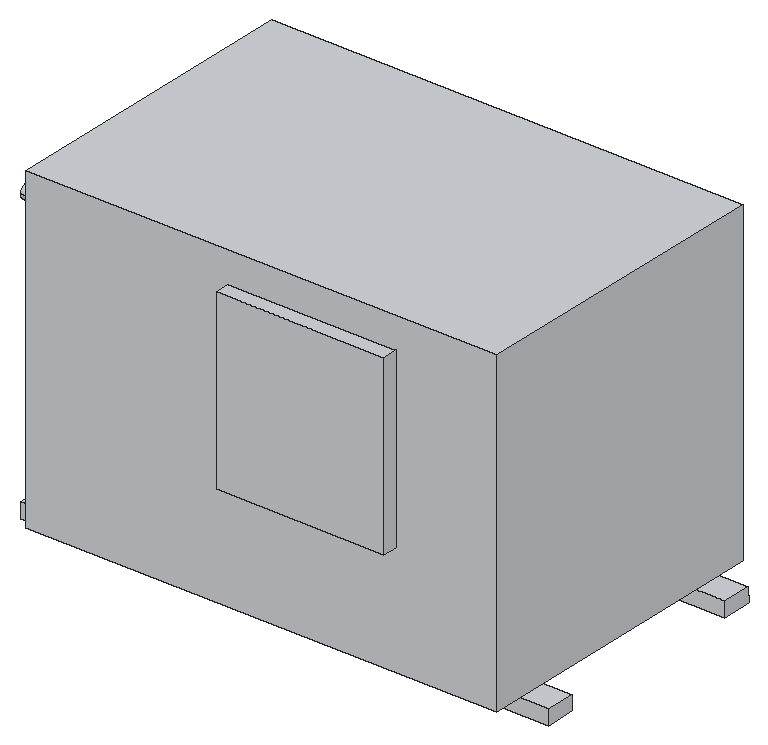
Revit family "Fan Coil modular de teto - Folha simples", category Equipamento mecânico, Revit 2019
Family settings
  Cota do conector redondo = Usar raio
  Tipo de parte = Normal
  ID de item do Seek = AHU Coil - Refrigerant - Indoor-0000-USA-ENU
  Com base no plano de trabalho = Não
  Sempre na vertical = Sim
  Corte com vazios quando carregada = Não
  Compartilhado = Não
  Ponto de cálculo do ambiente = Não
Parameters (values of type "Padrão")
  Queda de pressão da água [instance] = 0.0 Pa
  Voltagem = 0 V
  Comprimento da unidade = Largura do duto de entrada + 50 mm  # 810 mm
  Altura da unidade = Altura do duto de entrada + 50 mm  # 550 mm
  Número de pólos = 1
  Altura da conexão mecânica 2 = 500 mm
  Altura da conexão mecânica 1 = Altura base + 50 mm  # 75.725 mm
  Classificação de carga = Refrigeração
  Largura do duto de entrada = 760 mm
  Altura do duto de entrada = 500 mm
  Raio da drenagem = 11 mm
  Diâmetro da drenagem = Raio da drenagem * 2  # 22 mm
  Deslocamento da largura do duto de descarga = 173 mm
  Largura do duto de descarga = 289 mm
  Deslocamento da altura do duto de descarga = 53 mm
  Altura do duto de descarga = 305 mm
  Largura da unidade = 530 mm
  Material base = none
  Altura base = 25.725 mm
  Carga aparente = 0 VA
  Fluxo de ar [instance] = 2833.2 m³/h
  Raio 2 = Raio da água mecânica + 25.4 mm  # 37.9 mm
  Raio 1 = Raio 2 / 2  # 18.95 mm
  Fluxo da drenagem [instance] = 0.0 L/s
  Material da serpentina = none
  Raio da água mecânica = 12.5 mm
  Fluxo da água [instance] = 1.0 L/s
  Diâmetro da água mecânica = Raio da água mecânica * 2  # 25 mm
  Queda de pressão do ar [instance] = 0.0 Pa
Reference planes
  plane 1 "Parte frontal": y = 0
  plane 2 "Inferior": z = 0
  plane 3 "Centro (direita/esquerda)": x = 0
  plane 4 "Esquerda": x = -405
  plane 5 "Direita": x = 405
  plane 6: y = 265
  plane 7 "Parte posterior": y = 530
  plane 8: y = 101.2
  plane 9: y = 25.4
  plane 10: y = 63.3
  plane 11 "Superior": z = 575.725
  plane 12: z = 127.862
  plane 13: x = 380
  plane 14: x = -380
  plane 15: x = -405
  plane 16: x = -455
  plane 17: z = 75.725
  plane 18: z = 500
  plane 19: z = 300.725
  plane 20 "Base": z = 25.725
  plane 21 "Dreno d": z = 36.725
  plane 22 "Esquerda da descarga": x = -57
  plane 23 "Direita da descarga": x = 232
  plane 24 "Topo da descarga": z = 522.725
  plane 25 "Parte inferior da descarga": z = 217.725
  plane 26: y = 50
  plane 27: y = 100
  plane 28: y = 480
  plane 29: y = 430
  plane 30: x = 455
  plane 31 "Topo da elétrica": z = 325.725
  plane 32 "Parte inferior da elétrica": z = 275.725
  plane 33 "Esquerda da elétrica": y = 282.5
  plane 34 "Direita da elétrica": y = 247.5
Forms (mm)
  Extrusion 1, solid, material <- "Material da serpentina"
    sketch origin (0, 0, 0) x (1, 0, 0) y (0, 0, 1)
      loop
        line (-405, 575.725) -> (-405, 25.725) -> (405, 25.725) -> (405, 575.725) -> (-405, 575.725)
    from -530 to 0
  Extrusion 2, solid, material <- "Material da serpentina"
    sketch origin (0, 0, -15) x (0, 1, 0) y (0, 0, 1)
      loop
        circle (265, 51.725) r 11
    from -455 to -405
  Extrusion 3, solid, material <- "Material da serpentina"
    sketch origin (0, 0, 0) x (0, 1, 0) y (0, 0, 1)
      loop
        circle (63.3, 500) r 12.5
      loop
        circle (101.2, 75.725) r 12.5
    from -455 to -405
  Extrusion 4, solid, material <- "Material da serpentina"
    sketch origin (0, 0, 0) x (1, 0, 0) y (0, 0, 1)
      loop
        line (-57, 522.725) -> (-57, 217.725) -> (232, 217.725) -> (232, 522.725) -> (-57, 522.725)
    from 0 to 25
  Extrusion 5, solid, material <- "Material base"
    sketch origin (0, 0, 0) x (1, 0, 0) y (0, 1, 0)
      loop
        line (-455, 480) -> (-455, 430) -> (455, 430) -> (455, 480) -> (-455, 480)
    from 0 to 25.725
  Extrusion 6, solid, material <- "Material base"
    sketch origin (250, -194.812, 0) x (1, 0, 0) y (0, 1, 0)
      loop
        line (-705, 294.812) -> (-705, 244.812) -> (205, 244.812) -> (205, 294.812) -> (-705, 294.812)
    from 0 to 25.725
  Extrusion 7, solid, material <- "Material da serpentina"
    sketch origin (-405, 0, 0) x (0, 1, 0) y (0, 0, 1)
      loop
        line (282.5, 325.725) -> (247.5, 325.725) -> (247.5, 275.725) -> (282.5, 275.725) -> (282.5, 325.725)
    from 0 to -5
Cuts and joins
  joined: Extrusion 1, Extrusion 2, Extrusion 3
Dimensions and locks
  equal spacing: plane 4 "Esquerda", plane 3 "Centro (direita/esquerda)", plane 5 "Direita"
  "Comprimento da unidade": plane 4 "Esquerda" to plane 5 "Direita"
  locked: plane 1 "Parte frontal" to plane 9 at 25.4
  "Raio 2": plane 10 to plane 9
  equal spacing: plane 14, plane 3 "Centro (direita/esquerda)", plane 13
  "Largura do duto de entrada": plane 14 to plane 13
  plane 4 "Esquerda" to plane 16 = 50 mm
  "Altura da conexão mecânica 1": plane 17 to plane 2 "Inferior"
  "Altura da conexão mecânica 2": plane 18 to plane 2 "Inferior"
  plane 19 to plane 12 = 172.862 mm
  equal spacing: plane 11 "Superior", plane 19, plane 20 "Base"
  "Raio 2": plane 10 to plane 8
  "Largura da unidade": plane 1 "Parte frontal" to plane 7 "Parte posterior"
  equal spacing: plane 7 "Parte posterior", plane 6, plane 1 "Parte frontal"
  "Altura base": plane 20 "Base" to plane 2 "Inferior"
  "Raio da drenagem": plane 20 "Base" to plane 21 "Dreno d"
  "Altura da unidade": plane 11 "Superior" to plane 20 "Base"
  "Altura do duto de descarga": plane 24 "Topo da descarga" to plane 25 "Parte inferior da descarga"
  "Largura do duto de descarga": plane 22 "Esquerda da descarga" to plane 23 "Direita da descarga"
  "Deslocamento da largura do duto de descarga": plane 23 "Direita da descarga" to plane 5 "Direita"
  "Deslocamento da altura do duto de descarga": plane 11 "Superior" to plane 24 "Topo da descarga"
  locked: plane 27 to plane 26 at 50
  locked: plane 1 "Parte frontal" to plane 26 at 50
  locked: plane 29 to plane 28 at 50
  locked: plane 7 "Parte posterior" to plane 28 at 50
  locked: plane 5 "Direita" to plane 30 at 50
  equal spacing: plane 33 "Esquerda da elétrica", plane 6, plane 34 "Direita da elétrica"
  plane 33 "Esquerda da elétrica" to plane 34 "Direita da elétrica" = 35 mm
  equal spacing: plane 31 "Topo da elétrica", plane 19, plane 32 "Parte inferior da elétrica"
  plane 31 "Topo da elétrica" to plane 32 "Parte inferior da elétrica" = 50 mm
  "Raio da drenagem": radius of Extrusion 2 sketch curve
  "Raio da água mecânica": radius of Extrusion 3 sketch curve  (x2)
  aligned and locked: plane 4 "Esquerda" to Extrusion 1 sketch curve
  aligned and locked: Extrusion 1 sketch curve to plane 11 "Superior"
  aligned and locked: plane 5 "Direita" to Extrusion 1 sketch curve
  aligned and locked: plane 6 to Extrusion 2 sketch curve
  aligned and locked: plane 4 "Esquerda" to Extrusion 2
  aligned and locked: plane 17 to Extrusion 3 sketch curve
  aligned and locked: plane 18 to Extrusion 3 sketch curve
  aligned and locked: Extrusion 3 to plane 16
  aligned and locked: plane 15 to Extrusion 3
  aligned and locked: plane 15 to plane 4 "Esquerda"
  aligned and locked: cut or joined group of Extrusion 1, Extrusion 2, Extrusion 3 to plane 20 "Base"
  aligned and locked: plane 21 "Dreno d" to Extrusion 2 sketch curve
  aligned and locked: plane 24 "Topo da descarga" to Extrusion 4
  aligned and locked: Extrusion 4 to plane 25 "Parte inferior da descarga"
  aligned and locked: plane 22 "Esquerda da descarga" to Extrusion 4
  aligned and locked: Extrusion 4 to plane 23 "Direita da descarga"
  aligned and locked: Extrusion 5 to plane 30
  aligned and locked: Extrusion 5 to plane 16
  aligned and locked: Extrusion 5 to plane 28
  aligned and locked: Extrusion 5 to plane 29
  aligned and locked: Extrusion 5 to plane 2 "Inferior"
  aligned and locked: plane 20 "Base" to Extrusion 5
  aligned and locked: plane 27 to Extrusion 6
  aligned and locked: Extrusion 6 to plane 26
  aligned and locked: Extrusion 6 to plane 30
  aligned and locked: Extrusion 6 to plane 16
  aligned and locked: plane 20 "Base" to Extrusion 6
  aligned and locked: Extrusion 6 to plane 2 "Inferior"
  aligned and locked: plane 2 "Inferior" to Extrusion 5
  aligned and locked: Extrusion 5 to plane 20 "Base"
  aligned and locked: cut or joined group of Extrusion 1, Extrusion 2, Extrusion 3 to plane 15
  aligned and locked: cut or joined group of Extrusion 1, Extrusion 2, Extrusion 3 to plane 16
  aligned and locked: plane 8 to Extrusion 3 sketch curve
  aligned and locked: plane 10 to Extrusion 3 sketch curve
  aligned and locked: Extrusion 7 sketch curve to plane 33 "Esquerda da elétrica"
  aligned and locked: plane 34 "Direita da elétrica" to Extrusion 7 sketch curve
  aligned and locked: plane 32 "Parte inferior da elétrica" to Extrusion 7 sketch curve
  aligned and locked: plane 7 "Parte posterior" to cut or joined group of Extrusion 1, Extrusion 2, Extrusion 3
Automatic sketch dimensions
  Extrusion 1 sketch curve to plane 20 "Base" = 0 mm
  Extrusion 5 sketch curve to plane 29 = 0 mm
  Extrusion 5 sketch curve to plane 30 = 0 mm
  Extrusion 5 sketch curve to plane 28 = 0 mm
  Extrusion 6 sketch curve to plane 30 = 0 mm
  Extrusion 6 sketch curve to plane 6 = 215 mm
  plane 29 to Extrusion 6 sketch curve = 330 mm
  Extrusion 5 sketch curve to plane 16 = 0 mm
  Extrusion 6 sketch curve to plane 16 = 0 mm
  Extrusion 7 sketch curve to plane 31 "Topo da elétrica" = 0 mm
  plane 22 "Esquerda da descarga" to Extrusion 4 sketch curve = 0 mm
  plane 23 "Direita da descarga" to Extrusion 4 sketch curve = 0 mm
  Extrusion 4 sketch curve to plane 25 "Parte inferior da descarga" = 0 mm
  Extrusion 4 sketch curve to plane 24 "Topo da descarga" = 0 mm
Connectors
  piping at (-455, 63.3, 500), diameter 25, driven by "Fluxo da água", driven by "Queda de pressão da água", driven by "Raio da água mecânica"
    settings: on cut or joined group of Extrusion 1, Extrusion 2, Extrusion 3, index 3, connector inside diameter 25 mm, connector length 0 mm, flow factor 0, pipe flow 1.0 L/s, pressure drop 0.0 Pa, fitting loss kfactor 0, connector angle 0.00°, fixture units 0, engagement length 0 mm, angle of deflection 0.00°, flow configuration 1, flow direction 2, fitting loss method 4, system type 8, joint type 0, gender type 0, connector reference index 4, connector utility 0, adjustable connector no, is connector primary yes, connector description "Saída de água resfriada"
  piping at (-455, 101.2, 75.725), diameter 25, driven by "Raio da água mecânica", driven by "Fluxo da água"
    settings: on cut or joined group of Extrusion 1, Extrusion 2, Extrusion 3, index 4, connector inside diameter 25 mm, connector length 0 mm, flow factor 0, pipe flow 1.0 L/s, pressure drop 0.0 Pa, fitting loss kfactor 0, connector angle 0.00°, fixture units 0, engagement length 0 mm, angle of deflection 0.00°, flow configuration 1, flow direction 1, fitting loss method 4, system type 7, joint type 0, gender type 0, connector reference index 3, connector utility 0, adjustable connector no, is connector primary no, connector description "Entrada de água resfriada"
  piping at (-455, 265, 36.725), diameter 22, driven by "Raio da drenagem", driven by "Fluxo da drenagem"
    settings: on cut or joined group of Extrusion 1, Extrusion 2, Extrusion 3, index 5, connector inside diameter 22 mm, connector length 0 mm, flow factor 0, pipe flow 0.0 L/s, pressure drop 0.0 Pa, fitting loss kfactor 0, connector angle 0.00°, fixture units 0, engagement length 0 mm, angle of deflection 0.00°, flow configuration 1, flow direction 2, fitting loss method 0, system type 16, joint type 0, gender type 0, connector reference index -1, connector utility 0, adjustable connector yes, is connector primary no, connector description "Saída da drenagem"
  hvac at (0, 530, 300.725), driven by "Altura do duto de entrada", driven by "Largura do duto de entrada", driven by "Fluxo de ar"
    settings: on cut or joined group of Extrusion 1, Extrusion 2, Extrusion 3, index 9, duct flow 2833.2 m³/h, flow factor 0, pres drop 0.0 Pa, loss coef 0, conn angle 0.00°, conn width 760 mm, conn height 500 mm, conn diameter 609.6 mm, duct sys type 2, conn prof type 1, flow config 0, flow direction 1, loss method 0, conn ref index 10, conn util no, is conn primary yes, conn desc "Entrada de ar"
  hvac at (87.5, -25, 370.225), driven by "Queda de pressão do ar", driven by "Fluxo de ar", driven by "Altura do duto de descarga", driven by "Largura do duto de descarga"
    settings: on Extrusion 4, index 10, duct flow 2833.2 m³/h, flow factor 0, pres drop 0.0 Pa, loss coef 0, conn angle 0.00°, conn width 289 mm, conn height 305 mm, conn diameter 609.6 mm, duct sys type 1, conn prof type 1, flow config 0, flow direction 2, loss method 4, conn ref index 9, conn util no, is conn primary no, conn desc "Saída de ar"
  electrical at (-410, 265, 300.725), driven by "Número de pólos", driven by "Classificação de carga", driven by "Voltagem", driven by "Carga aparente"
    settings: on Extrusion 7, index 11, voltage 0 V, apparent load 0 VA, apparent load phase1 0 VA, apparent load phase2 0 VA, apparent load phase3 0 VA, power factor 0.8, load classification "Refrigeração", number of poles 1, system type 30, power factor state 1, is connector primary yes, connector utility no, sub classification motor no, connector description "Potência"
Types in the file's own list only (5): name | Comprimento da unidade | Altura da unidade | Altura da conexão mecânica 1 | Largura do duto de entrada | Altura do duto de entrada | Deslocamento da largura do duto de descarga | Largura do duto de descarga | Deslocamento da altura do duto de descarga | Altura do duto de descarga | Largura da unidade | Altura base | Raio 2 | Raio 1 | Raio da água mecânica
  1200m3/h | 810 mm | 550 mm | 120 mm | 760 mm | 500 mm | 173 mm | 289 mm | 54 mm | 305 mm | 530 mm | 70 mm | 38 mm | 19 mm | 13 mm
  1500m3/h | 810 mm | 660 mm | 120 mm | 760 mm | 610 mm | 111 mm | 328 mm | 138 mm | 305 mm | 580 mm | 70 mm | 38 mm | 19 mm | 13 mm
  2000m3/h | 860 mm | 660 mm | 120 mm | 810 mm | 610 mm | 189 mm | 366 mm | 89 mm | 329 mm | 580 mm | 70 mm | 38 mm | 19 mm | 13 mm
  3000m3/h | 1120 mm | 800 mm | 120 mm | 1070 mm | 750 mm | 283 mm | 412 mm | 56 mm | 442 mm | 740 mm | 70 mm | 38 mm | 19 mm | 13 mm
  4400m3/h | 960 mm | 800 mm | 120 mm | 910 mm | 750 mm | 458 mm | 513 mm | 56 mm | 442 mm | 740 mm | 70 mm | 38 mm | 19 mm | 13 mm
